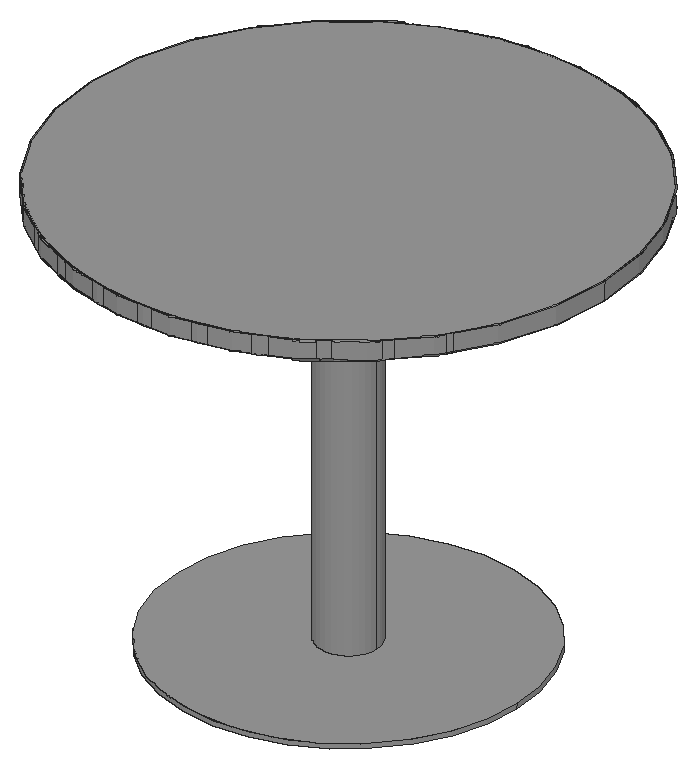
Revit family "Inklud 36in Round 29H Pedestal Base Table", category Furniture, Revit 2018
Family settings
  OmniClass Number = 23.40.20.00
  OmniClass Title = General Furniture and Specialties
  Work Plane-Based = No
  Always vertical = Yes
  Cut with Voids When Loaded = No
  Shared = No
  Room Calculation Point = No
Parameters
  Surface = Inklud 36" Round 29"H Pedestal Table Surface
  Edgeband = Inklud 36" Round 29"H Pedestal Table Edgeband
Reference planes (in)
  plane 1 "Center Front/Back": y = 0
  plane 2: z = 0
  plane 3 "Center Left/Right": x = 0
Forms (in)
  Extrusion 1, solid, material "Inklud Table Frame Platinum"
    sketch origin (0, 0, 0) x (1, 0, 0) y (0, 1, 0)
      loop
        line (-6, 6) -> (-6, -6) -> (6, -6) -> (6, 6) -> (-6, 6)
    from 27.62811 to 27.86433
  Extrusion 2, solid, material "Inklud Table Frame Platinum"
    sketch origin (0, 0, 0) x (1, 0, 0) y (0, 1, 0)
      loop
        circle (0, 0) r 2
    from 0.31496 to 27.62811
  Extrusion 3, solid, material "Inklud Table Frame Platinum"
    sketch origin (0, 0, 0) x (1, 0, 0) y (0, 1, 0)
      loop
        circle (0, 0) r 11.87315
    from 0 to 0.31496
Dimensions and locks (in)
  aligned and locked: level to plane 2
Nested families (in)
  nested 1: "Inklud 36in Round Tabletop" at (0, 0, 0.20778), type "Inklud 36in Round Tabletop"
Definition of nested family "Inklud 36in Round Tabletop"
  Parameters (values of type "Inklud 36in Round Tabletop")
    Surface = none
    Edgeband = none
  Reference planes (in)
    plane 1 "Center (Front/Back)": y = 0
    plane 2: z = 0
    plane 3 "Center (Left/Right)": x = 0
  Forms (in)
    Extrusion 1, solid, material <- "Surface"
      sketch origin (0, 0, 0) x (1, 0, 0) y (0, 1, 0)
        loop
          circle (0, 0) r 18
      from 27.65655 to 28.90655
    Sweep 2, solid, material <- "Edgeband"
      path origin (0, 0, 0) x (1, 0, 0) y (0, 1, 0)
        loop
          circle (0, 0) r 18
      profile origin (0, 18, 0) x (0, -1, 0) y (0, 0, 1)
        loop
          arc (0, 28.90655) -> (-0.03536, 28.8919) -> (-0.05, 28.85655) r 0.05
          line (-0.05, 28.85655) -> (-0.05, 27.70655)
          arc (-0.05, 27.70655) -> (-0.03536, 27.67119) -> (0, 27.65655) r 0.05
          line (0, 27.65655) -> (0, 28.90655)
  Dimensions and locks (in)
    aligned and locked: plane 2 to level
